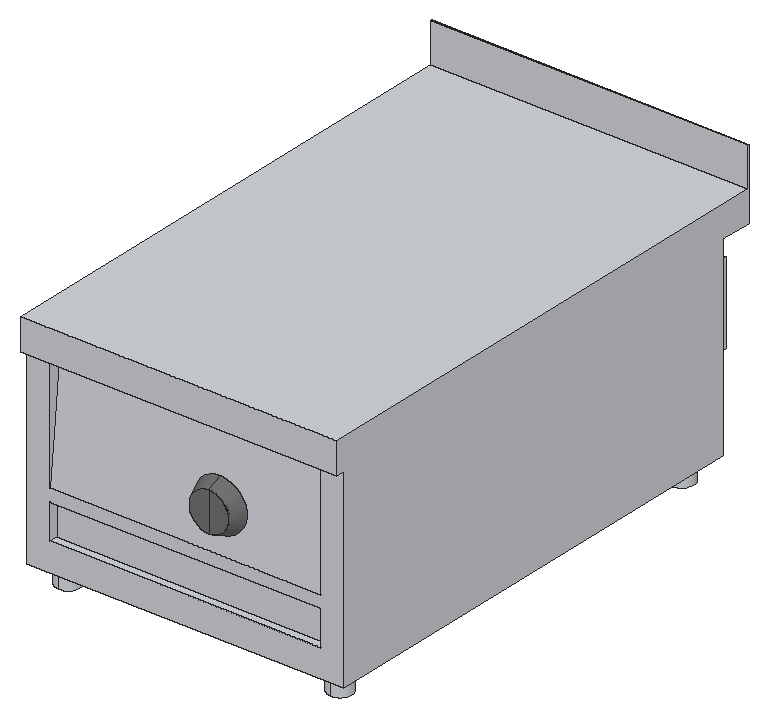
Revit family "1 Zone SK1i", category Specialty Equipment, Revit 2025
Family settings
  Round Connector Dimension = Use Diameter
  Part Type = Normal
  OmniClass Number = 23.40.40.14.17.17
  OmniClass Title = Ranges
  Work Plane-Based = No
  Enable Cutting in Views = No
  Always vertical = Yes
  Cut with Voids When Loaded = No
  Maintain Annotation Orientation = No
  Shared = No
  Room Calculation Point = No
Parameters (values of type "SK1i - 1 zone Induction")
  Width = 400 mm
  Weight = ""
  Watts = 3600 W
  Volts = 240 V
  URL Cutsheet = ""
  URL = ""
  Specification by User [instance] = ""
  Specification by Manufacturer = ""
  Serial Number = ""
  Seismic Rating = ""
  SMACNA No = ""
  Phase = 1
  NAFEM Spec ID Number = ""
  Model = "SK1i"
  Masterspec = ""
  Manufacturer = "ADVENTYS"
  Item Number [instance] = ""
  Installed By [instance] = ""
  Height = 310 mm
  HP = ""
  Furnished By [instance] = ""
  Foodservice Equipment Identifier [instance] = yes
  FL Amps = 15 A
  Description = "1 zone Induction"
  Depth = 650 mm
  Default Elevation = 0 mm
  CSI MasterFormat = ""
Reference planes
  plane 1 "BACK": y = 0
  plane 2: z = 0
  plane 3 "LEFT": x = 0
  plane 4 "RIGHT": x = 400
  plane 5 "FRONT": y = -650
  plane 6 "TOP": z = 900
  plane 7: z = 590
Forms (mm)
  Revolve 1, solid
    sketch origin (244.598, -38.498, 0) x (0, 1, 0) y (0, 0, 1)
      loop
        line (-601, 768) -> (-601, 801) -> (-619, 793) -> (-619, 768) -> (-601, 768)
      axis (-601, 768) -> (-619, 768)
    angle from 0 to 360
  Extrusion 2, solid
    sketch origin (0, 0, 50) x (0, 1, 0) y (0, 0, 1)
      loop
        line (0, 900) -> (-1.5, 900) -> (-1.5, 850) -> (-650, 850) -> (-650, 810) -> (-639.498, 810) -> (-639.498, 564.95) -> (-39.498, 564.95) -> (-39.498, 810) -> (0, 810) -> (0, 900)
    from 0 to 400
  Extrusion 3, solid
    sketch origin (0, 0, 0) x (0, 1, 0) y (0, 0, 1)
      loop
        line (-39.498, 812.387) -> (-39.498, 709.062) -> (0, 709.062) -> (0, 812.387) -> (-39.498, 812.387)
    from 28.3 to 371.9
  Extrusion 4, solid
    sketch origin (0, 0, 900) x (0, 1, 0) y (-1, 0, 0)
      loop
        circle (-69.498, -28.3) r 15
      loop
        circle (-69.498, -371.7) r 15
      loop
        circle (-609.498, -28.3) r 15
      loop
        circle (-609.498, -371.7) r 15
    from -310 to -285.05
  Extrusion 5, void
    sketch origin (0, 0, 0) x (0, 1, 0) y (0, 0, 1)
      loop
        line (-641.025, 860) -> (-641.025, 651.388) -> (-629.498, 651.388) -> (-629.498, 696.388) -> (-639.498, 696.388) -> (-639.498, 711.388) -> (-625, 860) -> (-641.025, 860)
    from 29.298 to 371.9
Cuts and joins
  Extrusion 5 cuts Extrusion 2
Dimensions and locks
  "Width": plane 4 "RIGHT" to plane 3 "LEFT"
  "Height": plane 7 to plane 6 "TOP"
  "Depth": plane 5 "FRONT" to plane 1 "BACK"
  plane 6 "TOP" to level = 900 mm
  aligned and locked: level to plane 2
Automatic sketch dimensions
  plane 5 "FRONT" to Revolve 1 sketch curve = 7.498 mm
  Revolve 1 sketch curve to Revolve 1 sketch curve = 18 mm
  Revolve 1 sketch curve to plane 6 "TOP" = 132 mm
  Revolve 1 sketch curve to Revolve 1 sketch curve = 25 mm
  Revolve 1 sketch curve to Revolve 1 sketch curve = 8 mm
  Revolve 1 sketch curve to Revolve 1 sketch curve = 0 mm  (x3)
  plane 5 "FRONT" to Extrusion 2 sketch curve = 0 mm
  Extrusion 2 sketch curve to Extrusion 2 sketch curve = 10.502 mm
  Extrusion 2 sketch curve to plane 5 "FRONT" = 610.502 mm
  Extrusion 2 sketch curve to plane 5 "FRONT" = 648.5 mm
  Extrusion 2 sketch curve to Extrusion 2 sketch curve = 1.5 mm
  Extrusion 2 sketch curve to Extrusion 2 sketch curve = 245.05 mm
  plane 7 to Extrusion 2 sketch curve = 310 mm
  plane 6 "TOP" to Extrusion 2 sketch curve = 50 mm
  Extrusion 2 sketch curve to Extrusion 2 sketch curve = 40 mm  (x2)
  Extrusion 3 sketch curve to plane 1 "BACK" = 0 mm
  plane 1 "BACK" to Extrusion 3 sketch curve = 39.498 mm
  plane 7 to Extrusion 3 sketch curve = 119.062 mm
  Extrusion 3 sketch curve to plane 6 "TOP" = 87.613 mm
  Extrusion 4 sketch curve to plane 5 "FRONT" = 40.502 mm  (x2)
  plane 1 "BACK" to Extrusion 4 sketch curve = 69.498 mm  (x2)
  Extrusion 4 sketch curve to plane 4 "RIGHT" = 28.3 mm  (x2)
  plane 3 "LEFT" to Extrusion 4 sketch curve = 28.3 mm  (x2)
  Extrusion 5 sketch curve to plane 5 "FRONT" = 8.975 mm
  Extrusion 5 sketch curve to plane 5 "FRONT" = 10.502 mm
  Extrusion 5 sketch curve to Extrusion 5 sketch curve = 10 mm
  Extrusion 5 sketch curve to Extrusion 5 sketch curve = 16.025 mm
  plane 7 to Extrusion 5 sketch curve = 61.388 mm
  Extrusion 5 sketch curve to Extrusion 5 sketch curve = 45 mm
  Extrusion 5 sketch curve to Extrusion 5 sketch curve = 15 mm
  Extrusion 5 sketch curve to plane 6 "TOP" = 40 mm
  radius of Extrusion 4 sketch curve = 15 mm  (x4)
